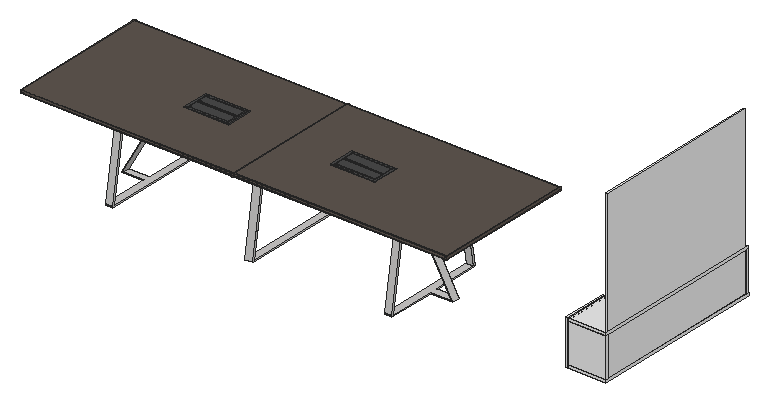
Revit family "T400149", category Furniture, Revit 2018
Family settings
  OmniClass Number = 23.40.20.00
  OmniClass Title = General Furniture and Specialties
  Work Plane-Based = No
  Always vertical = Yes
  Cut with Voids When Loaded = No
  Shared = No
  Room Calculation Point = No
Reference planes (in)
  plane 1 "Center Front/Back": y = 0
  plane 2: z = 0
  plane 3 "Center Left/Right": x = 0
Dimensions and locks (in)
  aligned and locked: level to plane 2
Nested families (in)
  nested 1: "FIRST OFFICE-INTERMIX-ELECTRICAL-POWER-SUPPLY_PS-37_PS-38" at (-20.41472, -20.00035, 0), type "FIRST OFFICE-INTERMIX-ELECTRICAL-PWR-SUPPLY_PS-37"
  nested 2: "FIRST OFFICE_INTERMIX_STORAGE_WALLMNT_BOX_SLIDING_DOORS" at (91.625, 0, -33.5) x (0, -1, 0) z (0, 0, 1), type "INTERMIX-STORAGE-BOX-WM-SLIDING-DRS_CC-M6015SB3W4"
  nested 3: "FIRST OFFICE_INTERMIX_MEDIA_PANEL_WALLMOUNT_CC-_42__MP" at (91.625, -0.375, 0) x (0, -1, 0) z (0, 0, 1), type "INTERMIX-MEDIA-PANEL_CC-M4258MP"
  nested 4: "OFS INTERMIX METAL BASES" at (-39, 21, 0), type "Hugh Center Base 35"
  nested 5: "OFS INTERMIX METAL BASES" at (8.09911, -21, 0), type "Hugh Ends Base 35"
  nested 6: "FIRST OFFICE_INTERMIX_TOPS_RECTANGULAR" at (-39, 0, 0), type "INTERMIX-TOP-RECTANGULAR_CC-P14448RT"
  nested 7: "OFS INTERMIX METAL BASES" at (-86.09911, -21, 0) x (-1, 0, 0) z (0, 0, 1), type "Hugh Ends Base 35"
  nested 8: "FIRST OFFICE-INTERMIX-ELECTRICAL-POWER-SUPPLY_PS-37_PS-38" at (-57.58528, -20.00035, 0) x (-1, 0, 0) z (0, 0, 1), type "FIRST OFFICE-INTERMIX-ELECTRICAL-PWR-SUPPLY_PS-37"
Definition of nested family "FIRST OFFICE-INTERMIX-ELECTRICAL-POWER-SUPPLY_PS-37_PS-38"
  Parameters (values of type "FIRST OFFICE-INTERMIX-ELECTRICAL-PWR-SUPPLY_PS-38")
    URL = "http://www.firstoffice.com/products/tables/intermix"
    PS FINISH = none
    Model = ""
    Manufacturer = "FIRST OFFICE-INTERMIX"
    MODEL NUMBER = "PS-38"
    MANUFACTURERS' CODE = "FOF"
    ENVIRONMENTAL = "http://www.firstoffice.com/company/environment/"
    Description = "POWER SUPPLY NICKLE PS-38"
    CATALOG CODE = "FOF"
    Assembly Code = ""
  Types (2): name | MODEL NUMBER | Description
    FIRST OFFICE-INTERMIX-ELECTRICAL-PWR-SUPPLY_PS-38 | "PS-38" | "POWER SUPPLY NICKLE PS-38"
    FIRST OFFICE-INTERMIX-ELECTRICAL-PWR-SUPPLY_PS-37 | "PS-37" | "POWER SUPPLY BLACK PS-37"
  Reference planes (in)
    plane 1: z = 0
    plane 2 "Center Left/Right": x = 6.16472
    plane 3 "BACK": y = 20.00035
    plane 4 "SURFACE": z = 30
    plane 5: z = 30.125
  Forms (in)
    Extrusion 1, solid, material <- "PS FINISH"
      sketch origin (0, 0, 30) x (-1, 0, 0) y (0, -1, 0)
        loop
          line (1.33528, -15.50035) -> (-13.66472, -15.50035) -> (-13.66472, -24.50035) -> (1.33528, -24.50035) -> (1.33528, -15.50035)
        loop
          line (0.58528, -23.75035) -> (0.58528, -16.25035) -> (-12.91472, -16.25035) -> (-12.91472, -23.75035) -> (0.58528, -23.75035)
      from 0 to 0.125
    Extrusion 2, solid, material <- "PS FINISH"
      sketch origin (0, 0, 30) x (-1, 0, 0) y (0, -1, 0)
        loop
          line (0.58528, -23.75035) -> (0.58528, -16.25035) -> (-12.91472, -16.25035) -> (-12.91472, -23.75035) -> (0.58528, -23.75035)
      from 0 to 0.04
    Extrusion 3, solid, material <- "PS FINISH"
      sketch origin (0, 0, 30) x (-1, 0, 0) y (0, -1, 0)
        loop
          line (0.50604, -23.62815) -> (0.50604, -20.39492) -> (-12.77291, -20.39492) -> (-12.77291, -23.62815) -> (0.50604, -23.62815)
        loop
          line (0.50604, -16.37255) -> (-12.77291, -16.37255) -> (-12.77291, -19.60578) -> (0.50604, -19.60578) -> (0.50604, -16.37255)
      from 0.04 to 0.125
  Cuts and joins
    joined: Extrusion 1, Extrusion 2
  Lines and regions (in)
    Masking region 1
      outline origin (0, 0, 0) x (1, 0, 0) y (0, 1, 0)
        loop
          line (-1.33528, 24.50035) -> (-1.33528, 15.50035) -> (13.66472, 15.50035) -> (13.66472, 24.50035) -> (-1.33528, 24.50035)
    Masking region 2
      outline origin (0, 0, 0) x (1, 0, 0) y (0, 1, 0)
        loop
          line (-0.58528, 23.75035) -> (-0.58528, 16.25035) -> (12.91472, 16.25035) -> (12.91472, 23.75035) -> (-0.58528, 23.75035)
    Masking region 3
      outline origin (0, 0, 0) x (1, 0, 0) y (0, 1, 0)
        loop
          line (-0.50604, 23.62815) -> (-0.50604, 20.39492) -> (12.77291, 20.39492) -> (12.77291, 23.62815) -> (-0.50604, 23.62815)
        loop
          line (-0.50604, 16.37255) -> (12.77291, 16.37255) -> (12.77291, 19.60578) -> (-0.50604, 19.60578) -> (-0.50604, 16.37255)
  Dimensions and locks (in)
    aligned and locked: level to plane 1
    aligned and locked: Extrusion 1 to plane 5
    aligned and locked: Extrusion 3 to Extrusion 2
Definition of nested family "FIRST OFFICE_INTERMIX_STORAGE_WALLMNT_BOX_SLIDING_DOORS"
  Parameters (values of type "INTERMIX-STORAGE-BOX-WM-SLIDING-DRS_CC-M4515SB3W3")
    VERTICAL PLANKS = none
    URL = "http://www.firstoffice.com/products/tables/intermix"
    TOP/BOTTOM = none
    Manufacturer = "FIRST OFFICE-INTERMIX"
    MODEL NUMBER = "CC-M4515SB3W3"
    MANUFACTURERS' CODE = "FOF"
    ENVIRONMENTAL = "http://www.firstoffice.com/company/environment/"
    Description = "WALLMOUNT STORAGE BOX SLIDING DOORS 45X15\""
    DOOR = none
    CENTER DIVIDE = no
    1 DOOR 2 OPN = no
    2 DOOR 3 OPN = yes
    2 DOOR 4 OPN = no
    CATALOG CODE = "FOF"
    BOX WIDTH = 3' - 9"
    BOX HEIGHT = 1' - 3"
  Types (37): name | MODEL NUMBER | Description | CENTER DIVIDE | 1 DOOR 2 OPN | 2 DOOR 3 OPN | 2 DOOR 4 OPN | BOX WIDTH | BOX HEIGHT
    (no name) | "CC-M4515SB3W3" | "WALLMOUNT STORAGE BOX SLIDING DOORS 45X15\"" | no | no | yes | no | 3' - 9" | 1' - 3"
    INTERMIX-STORAGE-BOX-WM-SLIDING-DRS_CC-M3110SB3W2 | "CC-M3110SB3W2" | "WALLMOUNT STORAGE BOX SLIDING DOORS 31X10" | yes | yes | no | no | 2' - 7" | 0' - 10"
    INTERMIX-STORAGE-BOX-WM-SLIDING-DRS_CC-M3710SB3W2 | "CC-M3710SB3W2" | "WALLMOUNT STORAGE BOX SLIDING DOORS 37X10\"" | yes | yes | no | no | 3' - 1" | 0' - 10"
    INTERMIX-STORAGE-BOX-WM-SLIDING-DRS_CC-M4510SB3W3 | "CC-M4510SB3W3" | "WALLMOUNT STORAGE BOX SLIDING DOORS 45X10\"" | no | no | yes | no | 3' - 9" | 0' - 10"
    INTERMIX-STORAGE-BOX-WM-SLIDING-DRS_CC-M5410SB3W3 | "CC-M5410SB3W3" | "WALLMOUNT STORAGE BOX SLIDING DOORS 54X10\"" | no | no | yes | no | 4' - 6" | 0' - 10"
    INTERMIX-STORAGE-BOX-WM-SLIDING-DRS_CC-M6010SB3W4 | "CC-M6010SB3W4" | "WALLMOUNT STORAGE BOX SLIDING DOORS 60X10\"" | yes | no | no | yes | 5' - 0" | 0' - 10"
    INTERMIX-STORAGE-BOX-WM-SLIDING-DRS_CC-M7210SB3W2 | "CC-M7210SB3W2" | "WALLMOUNT STORAGE BOX SLIDING DOORS 72X10\"" | yes | yes | no | no | 6' - 0" | 0' - 10"
    INTERMIX-STORAGE-BOX-WM-SLIDING-DRS_CC-M6010SB3W2 | "CC-M6010SB3W2" | "WALLMOUNT STORAGE BOX SLIDING DOORS 60X10\"" | yes | yes | no | no | 5' - 0" | 0' - 10"
    INTERMIX-STORAGE-BOX-WM-SLIDING-DRS_CC-M7210SB3W4 | "CC-M7210SB3W4" | "WALLMOUNT STORAGE BOX SLIDING DOORS 72X10\"" | yes | no | no | yes | 6' - 0" | 0' - 10"
    INTERMIX-STORAGE-BOX-WM-SLIDING-DRS_CC-M9010SB3W3 | "CC-M9010SB3W3" | "WALLMOUNT STORAGE BOX SLIDING DOORS 90X10\"" | no | no | yes | no | 7' - 6" | 0' - 10"
    INTERMIX-STORAGE-BOX-WM-SLIDING-DRS_CC-M3115SB3W2 | "CC-M3115SB3W2" | "WALLMOUNT STORAGE BOX SLIDING DOORS 31X15" | yes | yes | no | no | 2' - 7" | 1' - 3"
    INTERMIX-STORAGE-BOX-WM-SLIDING-DRS_CC-M3715SB3W2 | "CC-M3715SB3W2" | "WALLMOUNT STORAGE BOX SLIDING DOORS 37X15\"" | yes | yes | no | no | 3' - 1" | 1' - 3"
    INTERMIX-STORAGE-BOX-WM-SLIDING-DRS_CC-M4515SB3W3 | "CC-M4515SB3W3" | "WALLMOUNT STORAGE BOX SLIDING DOORS 45X15\"" | no | no | yes | no | 3' - 9" | 1' - 3"
    INTERMIX-STORAGE-BOX-WM-SLIDING-DRS_CC-M5415SB3W3 | "CC-M5415SB3W3" | "WALLMOUNT STORAGE BOX NO DOORS 54X15\"" | no | no | yes | no | 4' - 6" | 1' - 3"
    INTERMIX-STORAGE-BOX-WM-SLIDING-DRS_CC-M6015SB3W2 | "CC-M6015SB3W2" | "WALLMOUNT STORAGE BOX SLIDING DOORS 60X15\"" | yes | yes | no | no | 5' - 0" | 1' - 3"
    INTERMIX-STORAGE-BOX-WM-SLIDING-DRS_CC-M6015SB3W4 | "CC-M6015SB3W4" | "WALLMOUNT STORAGE BOX SLIDING DOORS 60X15\"" | yes | no | no | yes | 5' - 0" | 1' - 3"
    INTERMIX-STORAGE-BOX-WM-SLIDING-DRS_CC-M7215SB3W2 | "CC-M7215SB3W2" | "WALLMOUNT STORAGE BOX SLIDING DOORS 72X15\"" | yes | yes | no | no | 6' - 0" | 1' - 3"
    INTERMIX-STORAGE-BOX-WM-SLIDING-DRS_CC-M7215SB3W4 | "CC-M7215SB3W4" | "WALLMOUNT STORAGE BOX SLIDING DOORS 72X15\"" | yes | no | no | yes | 6' - 0" | 1' - 3"
    INTERMIX-STORAGE-BOX-WM-SLIDING-DRS_CC-M9015SB3W3 | "CC-M9015SB3W3" | "WALLMOUNT STORAGE BOX SLIDING DOORS 90X15\"" | no | no | yes | no | 7' - 6" | 1' - 3"
    INTERMIX-STORAGE-BOX-WM-SLIDING-DRS_CC-W3110SB3W2 | "CC-W3110SB3W2" | "WALLMOUNT STORAGE BOX SLIDING DOORS 31X10" | yes | yes | no | no | 2' - 7" | 0' - 10"
    INTERMIX-STORAGE-BOX-WM-SLIDING-DRS_CC-W3710SB3W2 | "CC-W3710SB3W2" | "WALLMOUNT STORAGE BOX SLIDING DOORS 37X10\"" | yes | yes | no | no | 3' - 1" | 0' - 10"
    INTERMIX-STORAGE-BOX-WM-SLIDING-DRS_CC-W4510SB3W3 | "CC-W4510SB3W3" | "WALLMOUNT STORAGE BOX SLIDING DOORS 45X10\"" | no | no | yes | no | 3' - 9" | 0' - 10"
    INTERMIX-STORAGE-BOX-WM-SLIDING-DRS_CC-W5410SB3W3 | "CC-W5410SB3W3" | "WALLMOUNT STORAGE BOX SLIDING DOORS 54X10\"" | no | no | yes | no | 4' - 6" | 0' - 10"
    INTERMIX-STORAGE-BOX-WM-SLIDING-DRS_CC-W6010SB3W2 | "CC-W6010SB3W2" | "WALLMOUNT STORAGE BOX SLIDING DOORS 60X10\"" | yes | yes | no | no | 5' - 0" | 0' - 10"
    INTERMIX-STORAGE-BOX-WM-SLIDING-DRS_CC-W7210SB3W2 | "CC-W7210SB3W2" | "WALLMOUNT STORAGE BOX SLIDING DOORS 72X10\"" | yes | yes | no | no | 6' - 0" | 0' - 10"
    INTERMIX-STORAGE-BOX-WM-SLIDING-DRS_CC-W6010SB3W4 | "CC-W6010SB3W4" | "WALLMOUNT STORAGE BOX SLIDING DOORS 60X10\"" | yes | no | no | yes | 5' - 0" | 0' - 10"
    INTERMIX-STORAGE-BOX-WM-SLIDING-DRS_CC-W7210SB3W4 | "CC-W7210SB3W4" | "WALLMOUNT STORAGE BOX SLIDING DOORS 72X10\"" | yes | no | no | yes | 6' - 0" | 0' - 10"
    INTERMIX-STORAGE-BOX-WM-SLIDING-DRS_CC-W9010SB3W3 | "CC-W9010SB3W3" | "WALLMOUNT STORAGE BOX SLIDING DOORS 90X10\"" | no | no | yes | no | 7' - 6" | 0' - 10"
    INTERMIX-STORAGE-BOX-WM-SLIDING-DRS_CC-W3115SB3W2 | "CC-W3115SB3W2" | "WALLMOUNT STORAGE BOX SLIDING DOORS 31X15" | yes | yes | no | no | 2' - 7" | 1' - 3"
    INTERMIX-STORAGE-BOX-WM-SLIDING-DRS_CC-W3715SB3W2 | "CC-W3715SB3W2" | "WALLMOUNT STORAGE BOX SLIDING DOORS 37X15" | yes | yes | no | no | 3' - 1" | 1' - 3"
    INTERMIX-STORAGE-BOX-WM-SLIDING-DRS_CC-W4515SB3W3 | "CC-W4515SB3W3" | "WALLMOUNT STORAGE BOX SLIDING DOORS 45X15\"" | no | no | yes | no | 3' - 9" | 1' - 3"
    INTERMIX-STORAGE-BOX-WM-SLIDING-DRS_CC-W5415SB3W3 | "CC-W5415SB3W3" | "WALLMOUNT STORAGE BOX SLIDING DOORS 54X15\"" | no | no | yes | no | 4' - 6" | 1' - 3"
    INTERMIX-STORAGE-BOX-WM-SLIDING-DRS_CC-W6015SB3W2 | "CC-W6015SB1W2" | "WALLMOUNT STORAGE BOX NO DOORS 60X15\"" | yes | yes | no | no | 5' - 0" | 1' - 3"
    INTERMIX-STORAGE-BOX-WM-SLIDING-DRS_CC-W7215SB3W2 | "CC-W7215SB3W2" | "WALLMOUNT STORAGE BOX SLIDING DOORS 72X15\"" | yes | yes | no | no | 6' - 0" | 1' - 3"
    INTERMIX-STORAGE-BOX-WM-SLIDING-DRS_CC-W6015SB3W4 | "CC-W6015SB3W4" | "WALLMOUNT STORAGE BOX SLIDING DOORS 60X15\"" | yes | no | no | yes | 5' - 0" | 1' - 3"
    INTERMIX-STORAGE-BOX-WM-SLIDING-DRS_CC-W7215SB3W4 | "CC-W7215SB3W4" | "WALLMOUNT STORAGE BOX SLIDING DOORS 72X15\"" | yes | no | no | yes | 6' - 0" | 1' - 3"
    INTERMIX-STORAGE-BOX-WM-SLIDING-DRS_CC-W9015SB3W3 | "CC-W9010SB3W3" | "WALLMOUNT STORAGE BOX SLIDING DOORS 90X15\"" | no | no | yes | no | 7' - 6" | 1' - 3"
  Reference planes (in)
    plane 1 "BACK": y = 0
    plane 2: z = 0
    plane 3 "Center Left/Right": x = 0
    plane 4 "LEFT": x = -22.5
    plane 5 "RIGHT": x = 22.5
    plane 6 "FRONT": y = -13
    plane 7: z = 48.5
    plane 8: z = 63.5
    plane 9: y = -0.5
    plane 10: y = -1.25
    plane 11: z = 49.25
    plane 12: z = 62.75
    plane 13: x = -22.125
    plane 14: x = -21.75
    plane 15: x = 22.125
    plane 16: x = 21.75
    plane 17: x = -7.375
    plane 18: x = -11.0625
    plane 19: x = 11.0625
    plane 20: x = 7.375
    plane 21: z = 63.437
    plane 22: z = 48.563
    plane 23: x = 22.437
    plane 24: x = -22.437
    plane 25: y = -13.75
    plane 26: y = -12.25
  Forms (in)
    Extrusion 1, solid, material <- "TOP/BOTTOM"
      sketch origin (0, 0, 8.955) x (1, 0, 0) y (0, 0, 1)
        loop
          line (-22.5, 40.295) -> (-22.5, 39.545) -> (22.5, 39.545) -> (22.5, 40.295) -> (-22.5, 40.295)
      from 0 to 13
    Extrusion 2, solid, material <- "TOP/BOTTOM"
      sketch origin (0, 0, 15.08) x (1, 0, 0) y (0, 0, 1)
        loop
          line (-22.5, 48.42) -> (-22.5, 47.67) -> (22.5, 47.67) -> (22.5, 48.42) -> (-22.5, 48.42)
      from 0 to 13
    Extrusion 3, solid, material <- "VERTICAL PLANKS"
      sketch origin (-22.5, 0, 20.705) x (0, 1, 0) y (0, 0, 1)
        loop
          line (0, 42.045) -> (-13, 42.045) -> (-13, 28.545) -> (0, 28.545) -> (0, 42.045)
      from 0 to 0.75
    Extrusion 4, solid, material <- "VERTICAL PLANKS"
      sketch origin (24, 0, 20.705) x (0, 1, 0) y (0, 0, -1)
        loop
          line (0, -42.045) -> (0, -28.545) -> (-13, -28.545) -> (-13, -42.045) -> (0, -42.045)
      from 1.5 to 2.25
    Extrusion 5, solid, material <- "VERTICAL PLANKS"
      sketch origin (0, 0, 20.705) x (1, 0, 0) y (0, 0, 1)
        loop
          line (-21.75, 42.045) -> (-21.75, 28.545) -> (21.75, 28.545) -> (21.75, 42.045) -> (-21.75, 42.045)
      from 0.5 to 1.25
    Extrusion 6, solid, material <- "VERTICAL PLANKS", visible <- "2 DOOR 4 OPN"
      sketch origin (4.4375, 0, 0) x (1, 0, 0) y (0, 1, 0)
        loop
          line (-15.875, -1.25) -> (-15.875, -12.25) -> (-15.125, -12.25) -> (-15.125, -1.25) -> (-15.875, -1.25)
      from 49.25 to 62.75
    Extrusion 7, solid, material <- "VERTICAL PLANKS", visible <- "2 DOOR 3 OPN"
      sketch origin (8.875, 0, 0) x (1, 0, 0) y (0, 1, 0)
        loop
          line (-16.625, -1.25) -> (-16.625, -12.25) -> (-15.875, -12.25) -> (-15.875, -1.25) -> (-16.625, -1.25)
      from 49.25 to 62.75
    Extrusion 8, solid, material <- "VERTICAL PLANKS", visible <- "CENTER DIVIDE"
      sketch origin (17.75, 0, 0) x (1, 0, 0) y (0, 1, 0)
        loop
          line (-18.125, -1.25) -> (-18.125, -12.25) -> (-17.375, -12.25) -> (-17.375, -1.25) -> (-18.125, -1.25)
      from 49.25 to 62.75
    Extrusion 9, solid, material <- "VERTICAL PLANKS", visible <- "2 DOOR 4 OPN"
      sketch origin (-4.4375, 0, 0) x (-1, 0, 0) y (0, -1, 0)
        loop
          line (-15.875, 1.25) -> (-15.125, 1.25) -> (-15.125, 12.25) -> (-15.875, 12.25) -> (-15.875, 1.25)
      from 49.25 to 62.75
    Extrusion 10, solid, material <- "VERTICAL PLANKS", visible <- "2 DOOR 3 OPN"
      sketch origin (-8.875, 0, 0) x (-1, 0, 0) y (0, -1, 0)
        loop
          line (-16.625, 1.25) -> (-15.875, 1.25) -> (-15.875, 12.25) -> (-16.625, 12.25) -> (-16.625, 1.25)
      from 49.25 to 62.75
    Extrusion 11, solid, material <- "DOOR", visible <- "2 DOOR 4 OPN"
      sketch origin (0, 0, 0) x (1, 0, 0) y (0, 1, 0)
        loop
          line (-10.6875, -13) -> (-22.437, -13) -> (-22.437, -13.75) -> (-10.6875, -13.75) -> (-10.6875, -13)
      from 48.563 to 63.437
    Extrusion 12, solid, material <- "DOOR", visible <- "2 DOOR 4 OPN"
      sketch origin (21.5, 0, 0) x (1, 0, 0) y (0, 1, 0)
        loop
          line (0.937, -13) -> (-10.8125, -13) -> (-10.8125, -13.75) -> (0.937, -13.75) -> (0.937, -13)
      from 48.563 to 63.437
    Extrusion 13, solid, material <- "DOOR", visible <- "2 DOOR 3 OPN"
      sketch origin (1.5, 0, 0) x (1, 0, 0) y (0, 1, 0)
        loop
          line (-8.5, -13) -> (-23.937, -13) -> (-23.937, -13.75) -> (-8.5, -13.75) -> (-8.5, -13)
      from 48.563 to 63.437
    Extrusion 14, solid, material <- "DOOR", visible <- "2 DOOR 3 OPN"
      sketch origin (19.88722, 0, 0) x (1, 0, 0) y (0, 1, 0)
        loop
          line (2.54978, -13) -> (-12.88722, -13) -> (-12.88722, -13.75) -> (2.54978, -13.75) -> (2.54978, -13)
      from 48.563 to 63.437
    Extrusion 15, solid, material <- "DOOR", visible <- "1 DOOR 2 OPN"
      sketch origin (4, 0, 0) x (1, 0, 0) y (0, 1, 0)
        loop
          line (-3.625, -13) -> (-26.437, -13) -> (-26.437, -13.75) -> (-3.625, -13.75) -> (-3.625, -13)
      from 48.563 to 63.437
    Extrusion 16, void
      sketch origin (0, 0, 0) x (0, 1, 0) y (0, 0, 1)
        loop
          line (-12.7, 49.25) -> (-12.7, 48.9375) -> (-12.3875, 48.9375) -> (-12.3875, 49.25) -> (-12.7, 49.25)
      from -21.75 to 21.75
    Extrusion 17, void
      sketch origin (0, 0, 13.8125) x (0, 1, 0) y (0, 0, 1)
        loop
          line (-12.7, 49.25) -> (-12.7, 48.9375) -> (-12.3875, 48.9375) -> (-12.3875, 49.25) -> (-12.7, 49.25)
      from -21.75 to 21.75
    Extrusion 18, solid
      sketch origin (0, 0, 0) x (0, 1, 0) y (0, 0, 1)
        loop
          line (-12.3875, 49.25) -> (-12.4375, 49.25) -> (-12.4375, 48.99) -> (-12.65, 48.99) -> (-12.65, 49.25) -> (-12.7, 49.25) -> (-12.7, 48.9375) -> (-12.3875, 48.9375) -> (-12.3875, 49.25)
      from -21.75 to 21.75
    Extrusion 19, solid
      sketch origin (0, -25.0875, 112) x (0, -1, 0) y (0, 0, -1)
        loop
          line (-12.3875, 49.25) -> (-12.4375, 49.25) -> (-12.4375, 48.99) -> (-12.65, 48.99) -> (-12.65, 49.25) -> (-12.7, 49.25) -> (-12.7, 48.9375) -> (-12.3875, 48.9375) -> (-12.3875, 49.25)
      from -21.75 to 21.75
  Cuts and joins
    Extrusion 16, Extrusion 17 cuts Extrusion 1
    Extrusion 17 cuts Extrusion 3
    Extrusion 17 cuts Extrusion 4
    Extrusion 17 cuts Extrusion 2
  Lines and regions (in)
    Masking region 1
      outline origin (0, 0, 0) x (1, 0, 0) y (0, 1, 0)
        loop
          line (-22.5, 0) -> (-22.5, -13) -> (22.5, -13) -> (22.5, 0) -> (-22.5, 0)
    Masking region 2
      outline origin (0, 0, 0) x (1, 0, 0) y (0, 1, 0)
        loop
          line (-22.5, 0) -> (-22.5, -13) -> (22.5, -13) -> (22.5, 0) -> (-22.5, 0)
    Masking region 3, visible <- "2 DOOR 4 OPN"
      outline origin (0, 0, 0) x (1, 0, 0) y (0, 1, 0)
        loop
          line (10.6875, -13) -> (10.6875, -13.75) -> (22.437, -13.75) -> (22.437, -13) -> (10.6875, -13)
    Masking region 4, visible <- "2 DOOR 3 OPN"
      outline origin (0, 0, 0) x (1, 0, 0) y (0, 1, 0)
        loop
          line (7, -13) -> (7, -13.75) -> (22.437, -13.75) -> (22.437, -13) -> (7, -13)
    Masking region 5, visible <- "2 DOOR 4 OPN"
      outline origin (0, 0, 0) x (1, 0, 0) y (0, 1, 0)
        loop
          line (-22.437, -13) -> (-22.437, -13.75) -> (-10.6875, -13.75) -> (-10.6875, -13) -> (-22.437, -13)
    Masking region 6, visible <- "2 DOOR 3 OPN"
      outline origin (0, 0, 0) x (1, 0, 0) y (0, 1, 0)
        loop
          line (-22.437, -13) -> (-22.437, -13.75) -> (-7, -13.75) -> (-7, -13) -> (-22.437, -13)
    Masking region 7, visible <- "1 DOOR 2 OPN"
      outline origin (0, 0, 0) x (1, 0, 0) y (0, 1, 0)
        loop
          line (-22.437, -13) -> (-22.437, -13.75) -> (0.375, -13.75) -> (0.375, -13) -> (-22.437, -13)
  Dimensions and locks (in)
    "BOX WIDTH": plane 4 "LEFT" to plane 5 "RIGHT"
    locked: plane 7 to plane 2 at 48.5
    "BOX HEIGHT": plane 8 to plane 7
    locked: plane 8 to plane 12 at 0.75
    locked: plane 11 to plane 7 at 0.75
    plane 4 "LEFT" to plane 13 to plane 14 = 0' - 0 3/8" locked, 0' - 0 3/8" locked
    plane 16 to plane 15 to plane 5 "RIGHT" = 0' - 0 3/8" locked, 0' - 0 3/8" locked
    equal spacing: plane 13, plane 18, plane 3 "Center Left/Right", plane 19, plane 15
    Extrusion 6 sketch curve to plane 18 to Extrusion 6 sketch curve = 0' - 0 3/8" locked, 0' - 0 3/8" locked
    Extrusion 7 sketch curve to plane 17 to Extrusion 7 sketch curve = 0' - 0 3/8" locked, 0' - 0 3/8" locked
    Extrusion 8 sketch curve to plane 3 "Center Left/Right" to Extrusion 8 sketch curve = 0' - 0 3/8" locked, 0' - 0 3/8" locked
    Extrusion 10 sketch curve to plane 20 to Extrusion 10 sketch curve = 0' - 0 3/8" locked, 0' - 0 3/8" locked
    Extrusion 9 sketch curve to plane 19 to Extrusion 9 sketch curve = 0' - 0 3/8" locked, 0' - 0 3/8" locked
    plane 10 to plane 9 to plane 1 "BACK" = 0' - 0 3/4" locked, 0' - 0 1/2" locked
    locked: plane 8 to plane 21 at 0.063
    locked: plane 22 to plane 7 at 0.063
    locked: plane 23 to plane 5 "RIGHT" at 0.063
    locked: plane 4 "LEFT" to plane 24 at 0.063
    equal spacing: plane 13, plane 17, plane 20, plane 15
    locked: plane 25 to plane 1 "BACK" at 13.75
    plane 25 to plane 6 "FRONT" to plane 26 = 0' - 0 3/4" locked, 0' - 0 3/4" locked
    aligned and locked: Extrusion 1 sketch curve to plane 4 "LEFT"
    aligned and locked: Extrusion 1 sketch curve to plane 7
    aligned and locked: plane 5 "RIGHT" to Extrusion 1 sketch curve
    aligned and locked: Extrusion 1 to plane 1 "BACK"
    aligned and locked: plane 6 "FRONT" to Extrusion 1
    aligned and locked: Masking region 1 sketch curve to plane 4 "LEFT"
    aligned and locked: plane 5 "RIGHT" to Masking region 1 sketch curve
    aligned and locked: plane 8 to Extrusion 2 sketch curve
    aligned and locked: plane 6 "FRONT" to Extrusion 2
    aligned and locked: plane 6 "FRONT" to Extrusion 3
    aligned and locked: plane 6 "FRONT" to Extrusion 4
    aligned and locked: Extrusion 5 to plane 9
    aligned and locked: plane 14 to Extrusion 3
    aligned and locked: Extrusion 5 to plane 14
    aligned and locked: Extrusion 5 to plane 16
    aligned and locked: plane 5 "RIGHT" to Extrusion 4
    aligned and locked: plane 16 to Extrusion 4
    aligned and locked: plane 12 to Extrusion 3
    aligned and locked: plane 12 to Extrusion 4
    aligned and locked: Extrusion 2 to plane 12
    aligned and locked: plane 12 to Extrusion 5
    aligned and locked: plane 11 to Extrusion 1
    aligned and locked: Extrusion 3 to plane 11
    aligned and locked: Extrusion 4 to plane 11
    aligned and locked: Extrusion 5 to plane 11
    aligned and locked: plane 12 to Extrusion 6
    aligned and locked: plane 12 to Extrusion 7
    aligned and locked: plane 12 to Extrusion 8
    aligned and locked: plane 12 to Extrusion 10
    aligned and locked: plane 12 to Extrusion 9
    aligned and locked: Extrusion 11 to plane 22
    aligned and locked: plane 21 to Extrusion 11
    aligned and locked: Extrusion 11 sketch curve to plane 24
    aligned and locked: Extrusion 11 sketch curve to Extrusion 6
    aligned and locked: plane 23 to Extrusion 12 sketch curve
    aligned and locked: Extrusion 9 to Extrusion 12 sketch curve
    aligned and locked: plane 25 to Extrusion 12 sketch curve
    aligned and locked: Extrusion 12 sketch curve to plane 6 "FRONT"
    aligned and locked: Extrusion 13 sketch curve to plane 24
    aligned and locked: Extrusion 13 sketch curve to plane 6 "FRONT"
    aligned and locked: plane 25 to Extrusion 13 sketch curve
    aligned and locked: Extrusion 13 sketch curve to Extrusion 7
    aligned and locked: Extrusion 10 to Extrusion 14 sketch curve
    aligned and locked: plane 23 to Extrusion 14 sketch curve
    aligned and locked: plane 25 to Extrusion 14 sketch curve
    aligned and locked: Extrusion 14 sketch curve to plane 6 "FRONT"
    aligned and locked: Extrusion 15 sketch curve to plane 6 "FRONT"
    aligned and locked: plane 25 to Extrusion 15 sketch curve
    aligned and locked: Extrusion 15 sketch curve to plane 24
    aligned and locked: Extrusion 15 sketch curve to Extrusion 8
    aligned and locked: Extrusion 12 to plane 22
    aligned and locked: Extrusion 14 to plane 22
    aligned and locked: plane 21 to Extrusion 14
    aligned and locked: plane 21 to Extrusion 12
    aligned and locked: plane 22 to Extrusion 13
    aligned and locked: Extrusion 15 to plane 22
    aligned and locked: plane 21 to Extrusion 15
    aligned and locked: plane 21 to Extrusion 13
    aligned and locked: Extrusion 6 sketch curve to plane 26
    aligned and locked: Extrusion 7 sketch curve to plane 26
    aligned and locked: Extrusion 8 sketch curve to plane 26
    aligned and locked: plane 26 to Extrusion 10 sketch curve
    aligned and locked: plane 26 to Extrusion 9 sketch curve
    aligned and locked: cut or joined group of Extrusion 1, Extrusion 16, Extrusion 17 to plane 14
    aligned and locked: cut or joined group of Extrusion 1, Extrusion 16, Extrusion 17 to plane 16
    aligned and locked: Extrusion 17 to plane 12
    aligned and locked: Extrusion 17 to plane 16
    aligned and locked: Extrusion 17 to plane 14
    aligned and locked: Extrusion 18 to plane 14
    aligned and locked: Extrusion 18 to plane 16
    aligned and locked: Extrusion 19 to plane 12  (x2)
    aligned and locked: Extrusion 19 to plane 14
    aligned and locked: Extrusion 19 to plane 16
  Automatic sketch dimensions
    Extrusion 1 sketch curve to plane 11 = 0' - 0"
    plane 6 "FRONT" to Masking region 1 sketch curve = 0' - 0"
    plane 1 "BACK" to Masking region 1 sketch curve = 0' - 0"
    Extrusion 2 sketch curve to plane 4 "LEFT" = 0' - 0"
    Extrusion 2 sketch curve to plane 5 "RIGHT" = 0' - 0"
    Extrusion 2 sketch curve to plane 12 = 0' - 0"
    Extrusion 3 sketch curve to plane 6 "FRONT" = 0' - 0"
    Extrusion 3 sketch curve to plane 1 "BACK" = 0' - 0"
    Extrusion 3 sketch curve to plane 11 = 0' - 0"
    Extrusion 3 sketch curve to plane 12 = 0' - 0"
    Extrusion 4 sketch curve to plane 6 "FRONT" = 0' - 0"
    Extrusion 4 sketch curve to plane 1 "BACK" = 0' - 0"
    Extrusion 4 sketch curve to plane 12 = 0' - 0"
    Extrusion 4 sketch curve to plane 11 = 0' - 0"
    Extrusion 5 sketch curve to plane 11 = 0' - 0"
    Extrusion 5 sketch curve to plane 14 = 0' - 0"
    Extrusion 5 sketch curve to plane 12 = 0' - 0"
    plane 16 to Extrusion 5 sketch curve = 0' - 0"
    Masking region 2 sketch curve to plane 4 "LEFT" = 0' - 0"
    plane 1 "BACK" to Masking region 2 sketch curve = 0' - 0"
    Masking region 2 sketch curve to plane 5 "RIGHT" = 0' - 0"
    plane 6 "FRONT" to Masking region 2 sketch curve = 0' - 0"
    plane 10 to Extrusion 6 sketch curve = 0' - 0"
    plane 10 to Extrusion 7 sketch curve = 0' - 0"
    plane 10 to Extrusion 8 sketch curve = 0' - 0"
    plane 10 to Extrusion 9 sketch curve = 0' - 0"
    plane 10 to Extrusion 10 sketch curve = 0' - 0"
    plane 25 to Extrusion 11 sketch curve = 0' - 0"
    plane 6 "FRONT" to Extrusion 11 sketch curve = 0' - 0"
    plane 25 to Masking region 3 sketch curve = 0' - 0"
    plane 6 "FRONT" to Masking region 3 sketch curve = 0' - 0"
    Masking region 3 sketch curve to plane 23 = 0' - 0"
    plane 19 to Masking region 3 sketch curve = 0' - 0 3/8"
    plane 25 to Masking region 4 sketch curve = 0' - 0"
    plane 6 "FRONT" to Masking region 4 sketch curve = 0' - 0"
    Masking region 4 sketch curve to plane 23 = 0' - 0"
    plane 20 to Masking region 4 sketch curve = 0' - 0 3/8"
    Masking region 5 sketch curve to plane 24 = 0' - 0"
    plane 6 "FRONT" to Masking region 5 sketch curve = 0' - 0"
    plane 25 to Masking region 5 sketch curve = 0' - 0"
    plane 18 to Masking region 5 sketch curve = 0' - 0 3/8"
    Masking region 6 sketch curve to plane 24 = 0' - 0"
    plane 6 "FRONT" to Masking region 6 sketch curve = 0' - 0"
    plane 25 to Masking region 6 sketch curve = 0' - 0"
    plane 17 to Masking region 6 sketch curve = 0' - 0 3/8"
    Masking region 7 sketch curve to plane 24 = 0' - 0"
    plane 6 "FRONT" to Masking region 7 sketch curve = 0' - 0"
    plane 25 to Masking region 7 sketch curve = 0' - 0"
    plane 3 "Center Left/Right" to Masking region 7 sketch curve = 0' - 0 3/8"
    Extrusion 16 sketch curve to plane 11 = 0' - 0"
    Extrusion 16 sketch curve to plane 6 "FRONT" = 0' - 0.3"
    plane 26 to Extrusion 16 sketch curve = 0' - 0.1375"
    Extrusion 16 sketch curve to plane 11 = 0' - 0 5/16"
    Extrusion 17 sketch curve to plane 12 = 0' - 0"
    Extrusion 17 sketch curve to plane 6 "FRONT" = 0' - 0.3"
    plane 26 to Extrusion 17 sketch curve = 0' - 0.1375"
    plane 12 to Extrusion 17 sketch curve = 0' - 0 5/16"
    Extrusion 18 sketch curve to plane 11 = 0' - 0"  (x2)
    Extrusion 18 sketch curve to plane 6 "FRONT" = 0' - 0.3"
    Extrusion 18 sketch curve to Extrusion 18 sketch curve = 0' - 0.05"  (x2)
    plane 26 to Extrusion 18 sketch curve = 0' - 0 3/16"
    Extrusion 18 sketch curve to plane 11 = 0' - 0.26"
    Extrusion 18 sketch curve to Extrusion 18 sketch curve = 0' - 0.0525"
    plane 26 to Extrusion 19 sketch curve = 0' - 0.1375"
    Extrusion 19 sketch curve to Extrusion 19 sketch curve = 0' - 0.05"  (x2)
    Extrusion 19 sketch curve to Extrusion 19 sketch curve = 0' - 0.2125"
    plane 12 to Extrusion 19 sketch curve = 0' - 0 5/16"
    Extrusion 19 sketch curve to Extrusion 19 sketch curve = 0' - 0.0525"
    Extrusion 19 sketch curve to Extrusion 19 sketch curve = 0' - 0.26"
    Extrusion 19 sketch curve to Extrusion 19 sketch curve = 0' - 0"
Definition of nested family "FIRST OFFICE_INTERMIX_MEDIA_PANEL_WALLMOUNT_CC-_42__MP"
  Parameters (values of type "INTERMIX-MEDIA-PANEL_CC-M4242MP")
    MEDIA PANEL = none
    URL = "http://www.firstoffice.com/products/tables/intermix"
    PANEL WIDTH = 3' - 6"
    Manufacturer = "FIRST OFFICE-INTERMIX"
    MODEL NUMBER = "CC-M4242MP"
    MANUFACTURERS' CODE = "FOF"
    ENVIRONMENTAL = "http://www.firstoffice.com/company/environment/"
    Description = "WALLMOUNT MEDIA PANEL 42\""
    CATALOG CODE = "FOF"
  Types (19): name | PANEL WIDTH | MODEL NUMBER | Description
    (no name) | 3' - 6" | "CC-M4242MP" | "WALLMOUNT MEDIA PANEL 42\""
    INTERMIX-MEDIA-PANEL_CC-M4216MP | 1' - 4" | "CC-M4216MP" | "WALLMOUNT MEDIA PANEL 16\""
    INTERMIX-MEDIA-PANEL_CC-M4232MP | 2' - 8" | "CC-M4232MP" | "WALLMOUNT MEDIA PANEL 32\""
    INTERMIX-MEDIA-PANEL_CC-M4237MP | 3' - 1" | "CC-M4237MP" | "WALLMOUNT MEDIA PANEL 37\""
    INTERMIX-MEDIA-PANEL_CC-M4240MP | 3' - 4" | "CC-M4240MP" | "WALLMOUNT MEDIA PANEL 40\""
    INTERMIX-MEDIA-PANEL_CC-M4242MP | 3' - 6" | "CC-M4242MP" | "WALLMOUNT MEDIA PANEL 42\""
    INTERMIX-MEDIA-PANEL_CC-M4246MP | 3' - 10" | "CC-M4246MP" | "WALLMOUNT MEDIA PANEL 46\""
    INTERMIX-MEDIA-PANEL_CC-M4252MP | 4' - 4" | "CC-M4252MP" | "WALLMOUNT MEDIA PANEL 52\""
    INTERMIX-MEDIA-PANEL_CC-M4258MP | 4' - 10" | "CC-M4258MP" | "WALLMOUNT MEDIA PANEL 58\""
    INTERMIX-MEDIA-PANEL_CC-W4216MP | 1' - 4" | "CC-W4216MP" | "WALLMOUNT MEDIA PANEL 16\""
    INTERMIX-MEDIA-PANEL_CC-W4232MP | 2' - 8" | "CC-W4232MP" | "WALLMOUNT MEDIA PANEL 32\""
    INTERMIX-MEDIA-PANEL_CC-W4237MP | 3' - 1" | "CC-W4237MP" | "WALLMOUNT MEDIA PANEL 37\""
    INTERMIX-MEDIA-PANEL_CC-W4240MP | 3' - 4" | "CC-W4240MP" | "WALLMOUNT MEDIA PANEL 40\""
    INTERMIX-MEDIA-PANEL_CC-W4242MP | 3' - 6" | "CC-W4242MP" | "WALLMOUNT MEDIA PANEL 42\""
    INTERMIX-MEDIA-PANEL_CC-W4246MP | 3' - 10" | "CC-W4246MP" | "WALLMOUNT MEDIA PANEL 46\""
    INTERMIX-MEDIA-PANEL_CC-W4252MP | 4' - 4" | "CC-W4252MP" | "WALLMOUNT MEDIA PANEL 52\""
    INTERMIX-MEDIA-PANEL_CC-W4258MP | 4' - 10" | "CC-W4258MP" | "WALLMOUNT MEDIA PANEL 58\""
    INTERMIX-MEDIA-PANEL_CC-W4265MP | 5' - 5" | "CC-W4265MP" | "WALLMOUNT MEDIA PANEL 65\""
    INTERMIX-MEDIA-PANEL_CC-W4270MP | 5' - 10" | "CC-W4270MP" | "WALLMOUNT MEDIA PANEL 70\""
  Reference planes (in)
    plane 1 "BACK": y = 0
    plane 2: z = 0
    plane 3 "Center Left/Right": x = 0
    plane 4 "LEFT": x = -21
    plane 5 "RIGHT": x = 21
    plane 6 "FRONT": y = -0.75
    plane 7: z = 30
    plane 8: z = 72
  Forms (in)
    Extrusion 1, solid, material <- "MEDIA PANEL"
      sketch origin (0, 0, 0) x (1, 0, 0) y (0, 0, 1)
        loop
          line (-21, 72) -> (-21, 30) -> (21, 30) -> (21, 72) -> (-21, 72)
      from 0 to 0.75
  Lines and regions (in)
    Masking region 1
      outline origin (0, 0, 0) x (1, 0, 0) y (0, 1, 0)
        loop
          line (-21, 0) -> (-21, -0.75) -> (21, -0.75) -> (21, 0) -> (-21, 0)
  Dimensions and locks (in)
    equal spacing: plane 4 "LEFT", plane 3 "Center Left/Right", plane 5 "RIGHT"
    "PANEL WIDTH": plane 4 "LEFT" to plane 5 "RIGHT"
    locked: plane 7 to plane 2 at 30
    locked: plane 1 "BACK" to plane 6 "FRONT" at 0.75
    locked: plane 8 to plane 7 at 42
    aligned and locked: Masking region 1 sketch curve to plane 4 "LEFT"
    aligned and locked: plane 5 "RIGHT" to Masking region 1 sketch curve
    aligned and locked: Extrusion 1 to plane 4 "LEFT"
    aligned and locked: plane 5 "RIGHT" to Extrusion 1
    aligned and locked: plane 6 "FRONT" to Extrusion 1
    aligned and locked: Extrusion 1 to plane 7
    aligned and locked: plane 8 to Extrusion 1
  Automatic sketch dimensions
    plane 6 "FRONT" to Masking region 1 sketch curve = 0' - 0"
    plane 1 "BACK" to Masking region 1 sketch curve = 0' - 0"
    Extrusion 1 sketch curve to plane 3 "Center Left/Right" = 1' - 9"
    plane 3 "Center Left/Right" to Extrusion 1 sketch curve = 1' - 9"
    Extrusion 1 sketch curve to plane 8 = 0' - 0"
    plane 7 to Extrusion 1 sketch curve = 0' - 0"
Definition of nested family "OFS INTERMIX METAL BASES"
  Parameters (values of type "Metal O Base 35")
    Width = 1' - 5"
    Thickness = 0' - 1 1/8"
    URL = "https://ofs.com/"
    Model = "CC-35MTB4"
    Middle = yes
    Manufacturer = "OFS"
    Legs Finish = none
    Height = 2' - 3 7/8"
    Glider Finish = none
    End = no
    Description = "OFS INTERMIX METAL O BASE END - 35\" Width."
    Depth = 2' - 11 9/32"
    Copyright © = "©OFS 2020"
    Catalog = "https://ofs.com/products/tables/conference/intermix-conference"
    Base W = 0' - 3"
    Authoring Version = "Autodesk Revit Architecture 2015"
    Assembly Code = "E2020200"
  Types (6): name | Model | Middle | End | Description | Depth | Base W
    (no name) | "CC-35MTB4" | yes | no | "OFS INTERMIX METAL O BASE END - 35\" Width." | 2' - 11 9/32" | 0' - 3"
    Hugh Ends Base 32 | "CC-32MTB3" | no | yes | "OFS INTERMIX METAL HUGH BASE END - 32\" Width." | 2' - 8" | 0' - 2 1/2"
    Hugh Ends Base 35 | "CC-35MTB3" | no | yes | "OFS INTERMIX METAL HUGH BASE END - 35\" Width." | 2' - 11" | 0' - 2 1/2"
    Metal O Base 32 | "CC-32MTB4" | yes | no | "OFS INTERMIX METAL O BASE END - 32\" Width." | 2' - 8 9/32" | 0' - 3"
    Metal O Base 35 | "CC-35MTB4" | yes | no | "OFS INTERMIX METAL O BASE END - 35\" Width." | 2' - 11 9/32" | 0' - 3"
    Hugh Center Base 35 | "CC-35MTB3C" | yes | no | "OFS INTERMIX METAL HUGH BASE CENTER - 35\" Width." | 2' - 11" | 0' - 2 1/2"
  Reference planes (in)
    plane 1 "Back": y = -3.35938
    plane 2: z = 0
    plane 3 "Center Left/Right": x = 0
    plane 4: x = -8.5
    plane 5 "Center Front/Back": y = -21
    plane 6: x = 8.5
    plane 7: y = -38.64062
    plane 8: z = 27.875
    plane 9: z = 26.75
    plane 10: y = -22.25
    plane 11: y = -19.75
    plane 12: y = -34.14063
    plane 13: y = -7.85937
    plane 14: x = -1.5
    plane 15: x = 1.5
  Forms (in)
    Extrusion 1, solid, material <- "Legs Finish", visible <- "End"
      sketch origin (-47.5, -19.75, 0) x (-1, 0, 0) y (0, 0, -1)
        loop
          line (-56.40089, -0.5) -> (-40.95467, -27.875) -> (-40.52166, -27.875) -> (-55.96788, -0.5) -> (-56.40089, -0.5)
      from 0 to 2.5
    Extrusion 2, solid, material <- "Legs Finish", visible <- "Middle"
      sketch origin (-47.5, -1.279, 0) x (0, 1, 0) y (0, 0, 1)
        loop
          line (-7.17855, 27.875) -> (-2.46116, 0.5) -> (-2.08038, 0.5) -> (-6.79776, 27.875) -> (-7.17855, 27.875)
      from 46 to 49
    Extrusion 3, solid, material <- "Legs Finish", visible <- "End"
      sketch origin (-47.5, 0, 27.625) x (1, 0, 0) y (0, 1, 0)
        loop
          line (40, -7.85938) -> (40, -34.14062) -> (52, -34.14062) -> (52, -7.85938) -> (40, -7.85938)
      from 0 to 0.25
    Extrusion 4, solid, material <- "Legs Finish", visible <- "End"
      sketch origin (-47.5, 0, 0.5) x (1, 0, 0) y (0, 1, 0)
        loop
          line (46, -3.35937) -> (46, -38.17946) -> (49, -38.17946) -> (49, -22.25) -> (55.96788, -22.25) -> (55.96788, -19.75) -> (49, -19.75) -> (49, -3.35937) -> (46, -3.35937)
      from 0 to 0.25
    Extrusion 5, solid, material <- "Legs Finish", visible <- "End"
      sketch origin (47.5, -1.279, 0) x (0, 1, 0) y (0, 0, -1)
        loop
          line (-7.17855, -27.875) -> (-6.79776, -27.875) -> (-2.08038, -0.5) -> (-2.46116, -0.5) -> (-7.17855, -27.875)
      from 46 to 49
    Extrusion 6, solid, material <- "Legs Finish", visible <- "Middle"
      sketch origin (47.5, 0, 0.5) x (-1, 0, 0) y (0, -1, 0)
        loop
          line (46, 3.35938) -> (49, 3.35938) -> (49, 38.17946) -> (46, 38.17946) -> (46, 3.35938)
      from 0 to 0.25
    Extrusion 7, solid, material <- "Legs Finish", visible <- "Middle"
      sketch origin (46, 0, 27.625) x (-1, 0, 0) y (0, -1, 0)
        loop
          line (42, 7.85938) -> (50, 7.85938) -> (50, 34.14062) -> (42, 34.14062) -> (42, 7.85938)
      from 0 to 0.25
    Revolve 8, solid, material <- "Glider Finish", visible <- "End"
      sketch origin (7.63795, -1.5, 0) x (0, 1, 0) y (0, 0, 1)
        loop
          line (-19.5, 0.5) -> (-19.5, 0) -> (-19.25, 0)
          arc (-19.25, 0) -> (-19.125, 0.125) -> (-19.25, 0.25) r 0.125
          line (-19.25, 0.25) -> (-19.375, 0.25) -> (-19.375, 0.5) -> (-19.5, 0.5)
        axis (-19.5, 0) -> (-19.5, 0.5)
      angle from 0 to 360
    Revolve 9, solid, material <- "Glider Finish"
      sketch origin (-0.01295, -16.16962, 0) x (0, 1, 0) y (0, 0, 1)
        loop
          line (-21.14062, 0.5) -> (-21.14062, 0) -> (-20.89062, 0)
          arc (-20.89062, 0) -> (-20.76563, 0.125) -> (-20.89062, 0.25) r 0.125
          line (-20.89062, 0.25) -> (-21.01562, 0.25) -> (-21.01562, 0.5) -> (-21.14062, 0.5)
        axis (-21.14062, 0) -> (-21.14062, 0.5)
      angle from 0 to 360
    Revolve 10, solid, material <- "Glider Finish"
      sketch origin (-0.01295, -28.83038, 0) x (0, -1, 0) y (0, 0, -1)
        loop
          line (-24.14062, -0.5) -> (-24.01562, -0.5) -> (-24.01562, -0.25) -> (-23.89062, -0.25)
          arc (-23.89062, -0.25) -> (-23.76563, -0.125) -> (-23.89062, 0) r 0.125
          line (-23.89062, 0) -> (-24.14062, 0) -> (-24.14062, -0.5)
        axis (-24.14062, 0) -> (-24.14062, -0.5)
      angle from 0 to 360
    Extrusion 11, solid, material <- "Legs Finish", visible <- "Middle"
      sketch origin (-47.5, -39.08038, 0) x (0, -1, 0) y (0, 0, -1)
        loop
          line (-5.53792, -27.875) -> (-5.15714, -27.875) -> (-0.43975, -0.5) -> (-0.82054, -0.5) -> (-5.53792, -27.875)
      from 46 to 49
    Extrusion 12, solid, material <- "Legs Finish", visible <- "End"
      sketch origin (47.5, -39.08038, 0) x (0, -1, 0) y (0, 0, 1)
        loop
          line (-5.53792, 27.875) -> (-0.82054, 0.5) -> (-0.43975, 0.5) -> (-5.15714, 27.875) -> (-5.53792, 27.875)
      from 46 to 49
  Cuts and joins
    joined: Extrusion 1, Extrusion 3, Extrusion 4, Extrusion 5, Extrusion 12
    joined: Extrusion 2, Extrusion 6, Extrusion 7, Extrusion 11
  Dimensions and locks (in)
    equal spacing: plane 4, plane 3 "Center Left/Right", plane 6
    "Width": plane 4 to plane 6
    "Depth": plane 7 to plane 1 "Back"
    "Height": plane 8 to level
    equal spacing: plane 1 "Back", plane 5 "Center Front/Back", plane 7  (x2)
    "Thickness": plane 8 to plane 9
    plane 11 to plane 5 "Center Front/Back" to plane 10 = 0' - 1 1/4" locked, 0' - 1 1/4" locked
    locked: plane 1 "Back" to plane 13 at 4.5
    locked: plane 7 to plane 12 at 4.5
    equal spacing: plane 14, plane 3 "Center Left/Right", plane 15
    "Base W": plane 14 to plane 15
    aligned and locked: level to plane 2
    aligned and locked: plane 1 "Back" to Extrusion 5
    aligned and locked: plane 1 "Back" to Extrusion 2
    aligned and locked: Extrusion 6 to plane 1 "Back"
    aligned and locked: Extrusion 4 to plane 1 "Back"
    aligned and locked: Extrusion 4 to plane 10
    aligned and locked: Extrusion 4 to plane 11
    aligned and locked: Extrusion 3 to plane 13
    aligned and locked: Extrusion 7 to plane 13
    aligned and locked: plane 12 to Extrusion 7
    aligned and locked: plane 12 to Extrusion 3
    aligned and locked: cut or joined group of Extrusion 2, Extrusion 6, Extrusion 7, Extrusion 11 to plane 14  (x3)
    aligned and locked: plane 15 to cut or joined group of Extrusion 2, Extrusion 6, Extrusion 7, Extrusion 11  (x3)
    aligned and locked: plane 15 to cut or joined group of Extrusion 1, Extrusion 3, Extrusion 4, Extrusion 5, Extrusion 12  (x4)
    aligned and locked: cut or joined group of Extrusion 1, Extrusion 3, Extrusion 4, Extrusion 5, Extrusion 12 to plane 14  (x3)
  Automatic sketch dimensions
    level to Extrusion 1 sketch curve = 0' - 0 1/2"
    Extrusion 1 sketch curve to plane 6 = 0' - 0.40089"
    plane 6 to Extrusion 1 sketch curve = 0' - 0.03212"
    Extrusion 1 sketch curve to plane 8 = 0' - 0"
    plane 4 to Extrusion 1 sketch curve = 0' - 1.95467"
    Extrusion 1 sketch curve to Extrusion 1 sketch curve = 0' - 0.43301"
    level to Extrusion 2 sketch curve = 0' - 0 1/2"
    Extrusion 2 sketch curve to plane 1 "Back" = 0' - 0"
    Extrusion 2 sketch curve to Extrusion 2 sketch curve = 0' - 0.38078"  (x2)
    Extrusion 2 sketch curve to plane 8 = 0' - 0"
    plane 1 "Back" to Extrusion 2 sketch curve = 0' - 4.71739"
    plane 4 to Extrusion 3 sketch curve = 0' - 1"
    plane 6 to Extrusion 3 sketch curve = 0' - 4"
    plane 7 to Extrusion 3 sketch curve = 0' - 4 1/2"
    plane 1 "Back" to Extrusion 3 sketch curve = 0' - 4 1/2"
    plane 1 "Back" to Extrusion 4 sketch curve = 0' - 0"
    plane 11 to Extrusion 4 sketch curve = 0' - 0"
    Extrusion 4 sketch curve to plane 10 = 0' - 0"
    plane 7 to Extrusion 4 sketch curve = 0' - 0.46116"
    Extrusion 4 sketch curve to plane 3 "Center Left/Right" = 0' - 1 1/2"
    plane 3 "Center Left/Right" to Extrusion 4 sketch curve = 0' - 1 1/2"  (x2)
    plane 6 to Extrusion 4 sketch curve = 0' - 0.03212"
    level to Extrusion 5 sketch curve = 0' - 0 1/2"
    Extrusion 5 sketch curve to plane 1 "Back" = 0' - 0"
    Extrusion 5 sketch curve to Extrusion 5 sketch curve = 0' - 0.38078"  (x2)
    Extrusion 5 sketch curve to plane 8 = 0' - 0"
    plane 1 "Back" to Extrusion 5 sketch curve = 0' - 4.71739"
    plane 1 "Back" to Extrusion 6 sketch curve = 0' - 0"
    plane 7 to Extrusion 6 sketch curve = 0' - 0.46116"
    plane 3 "Center Left/Right" to Extrusion 6 sketch curve = 0' - 1 1/2"
    Extrusion 6 sketch curve to plane 3 "Center Left/Right" = 0' - 1 1/2"
    plane 3 "Center Left/Right" to Extrusion 7 sketch curve = 0' - 4"
    Extrusion 7 sketch curve to plane 3 "Center Left/Right" = 0' - 4"
    plane 1 "Back" to Extrusion 7 sketch curve = 0' - 4 1/2"
    plane 7 to Extrusion 7 sketch curve = 0' - 4 1/2"
    level to Revolve 8 sketch curve = 0' - 0 1/2"  (x2)
    Revolve 8 sketch curve to plane 5 "Center Front/Back" = 0' - 0"  (x2)
    plane 5 "Center Front/Back" to Revolve 8 sketch curve = 0' - 0 1/8"
    plane 5 "Center Front/Back" to Revolve 8 sketch curve = 0' - 0 1/4"
    level to Revolve 8 sketch curve = 0' - 0 1/4"
    Revolve 8 sketch curve to Revolve 8 sketch curve = 0' - 0 1/8"
    level to Revolve 8 sketch curve = 0' - 0.82356"
    level to Revolve 9 sketch curve = 0' - 0 1/2"  (x2)
    plane 7 to Revolve 9 sketch curve = 0' - 1.33038"
    Revolve 9 sketch curve to Revolve 9 sketch curve = 0' - 0 1/8"  (x2)
    Revolve 9 sketch curve to Revolve 9 sketch curve = 0' - 0 1/4"
    level to Revolve 9 sketch curve = 0' - 0 1/4"
    Revolve 9 sketch curve to Revolve 9 sketch curve = 0' - 0"
    level to Revolve 9 sketch curve = 0' - 0.82356"
    level to Revolve 10 sketch curve = 0' - 0 1/2"  (x2)
    plane 1 "Back" to Revolve 10 sketch curve = 0' - 1.33038"
    Revolve 10 sketch curve to Revolve 10 sketch curve = 0' - 0 1/8"  (x2)
    Revolve 10 sketch curve to Revolve 10 sketch curve = 0' - 0 1/4"  (x2)
    Revolve 10 sketch curve to Revolve 10 sketch curve = 0' - 0"
    level to Revolve 10 sketch curve = 0' - 0.82356"
    level to Extrusion 11 sketch curve = 0' - 0 1/2"
    Extrusion 11 sketch curve to plane 7 = 0' - 0"
    Extrusion 11 sketch curve to Extrusion 11 sketch curve = 0' - 0.38078"  (x2)
    Extrusion 11 sketch curve to plane 8 = 0' - 0"
    plane 7 to Extrusion 11 sketch curve = 0' - 4.71739"
    level to Extrusion 12 sketch curve = 0' - 0 1/2"
    Extrusion 12 sketch curve to plane 7 = 0' - 0"
    plane 7 to Extrusion 12 sketch curve = 0' - 0.38078"
    Extrusion 12 sketch curve to plane 8 = 0' - 0"
    plane 7 to Extrusion 12 sketch curve = 0' - 4.71739"
    Extrusion 12 sketch curve to Extrusion 12 sketch curve = 0' - 0.38078"
Definition of nested family "FIRST OFFICE_INTERMIX_TOPS_RECTANGULAR"
  Parameters (values of type "INTERMIX-TOP-RECTANGULAR_CC-K7236RT")
    URL = "http://www.firstoffice.com/products/tables/intermix"
    TWO PIECE = TOP WIDTH > 9' 0"  # no
    TOP WIDTH = 6' - 0"
    TOP DEPTH = 3' - 0"
    TOP CORE = none
    THICKNESS = 0' - 1 1/8"
    ONE PIECE = TOP WIDTH < 9' 0"  # yes
    Manufacturer = "FIRST OFFICE-INTERMIX"
    MODEL NUMBER = "CC-K7236RT"
    MANUFACTURERS' CODE = "FOF"
    ENVIRONMENTAL = "http://www.firstoffice.com/company/environment/"
    EDGE SHAPE = none
    Description = "RECTANGULAR TOP/SEATS 6"
    CATALOG CODE = "FOF"
  Types (36): name | TWO PIECE | TOP WIDTH | TOP DEPTH | THICKNESS | ONE PIECE | MODEL NUMBER | Description
    (no name) | no | 6' - 0" | 3' - 0" | 0' - 1 1/8" | yes | "CC-K7236RT" | "RECTANGULAR TOP/SEATS 6"
    INTERMIX-TOP-RECTANGULAR_CC-K7236RT | no | 6' - 0" | 3' - 0" | 0' - 1 1/8" | yes | "CC-K7236RT" | "RECTANGULAR TOP/SEATS 6"
    INTERMIX-TOP-RECTANGULAR_CC-K8442RT | no | 7' - 0" | 3' - 6" | 0' - 1 1/8" | yes | "CC-K8442RT" | "RECTANGULAR TOP/SEATS 6"
    INTERMIX-TOP-RECTANGULAR_CC-K9642RT | no | 8' - 0" | 3' - 6" | 0' - 1 1/8" | yes | "CC-K9642RT" | "RECTANGULAR TOP/SEATS 8"
    INTERMIX-TOP-RECTANGULAR_CC-K12048RT | yes | 10' - 0" | 4' - 0" | 0' - 1 1/8" | no | "CC-K12048RT" | "RECTANGULAR TOP/SEATS 10"
    INTERMIX-TOP-RECTANGULAR_CC-K14448RT | yes | 12' - 0" | 4' - 0" | 0' - 1 1/8" | no | "CC-K14448RT" | "RECTANGULAR TOP/SEATS 12"
    INTERMIX-TOP-RECTANGULAR_CC-K16848RT | yes | 14' - 0" | 4' - 0" | 0' - 1 1/8" | no | "CC-K16848RT" | "RECTANGULAR TOP/SEATS 14"
    INTERMIX-TOP-RECTANGULAR_CC-K19248RT | yes | 16' - 0" | 4' - 0" | 0' - 1 1/8" | no | "CC-K19248RT" | "RECTANGULAR TOP/SEATS 16"
    INTERMIX-TOP-RECTANGULAR_CC-P7236RT | no | 6' - 0" | 3' - 0" | 0' - 1 1/8" | yes | "CC-P7236RT" | "RECTANGULAR TOP/SEATS 6"
    INTERMIX-TOP-RECTANGULAR_CC-P8442RT | no | 7' - 0" | 3' - 6" | 0' - 1 1/8" | yes | "CC-P8442RT" | "RECTANGULAR TOP/SEATS 6"
    INTERMIX-TOP-RECTANGULAR_CC-P9642RT | no | 8' - 0" | 3' - 6" | 0' - 1 1/8" | yes | "CC-P9642RT" | "RECTANGULAR TOP/SEATS 8"
    INTERMIX-TOP-RECTANGULAR_CC-P12048RT | yes | 10' - 0" | 4' - 0" | 0' - 1 1/8" | no | "CC-P12048RT" | "RECTANGULAR TOP/SEATS 10"
    INTERMIX-TOP-RECTANGULAR_CC-P14448RT | yes | 12' - 0" | 4' - 0" | 0' - 1 1/8" | no | "CC-P14448RT" | "RECTANGULAR TOP/SEATS 12"
    INTERMIX-TOP-RECTANGULAR_CC-P16848RT | yes | 14' - 0" | 4' - 0" | 0' - 1 1/8" | no | "CC-P16848RT" | "RECTANGULAR TOP/SEATS 14"
    INTERMIX-TOP-RECTANGULAR_CC-P19248RT | yes | 16' - 0" | 4' - 0" | 0' - 1 1/8" | no | "CC-P19248RT" | "RECTANGULAR TOP/SEATS 16"
    INTERMIX-TOP-RECTANGULAR_CC-C7236RT | no | 6' - 0" | 3' - 0" | 0' - 1.188" | yes | "CC-C7236RT" | "RECTANGULAR TOP/SEATS 6"
    INTERMIX-TOP-RECTANGULAR_CC-C8442RT | no | 7' - 0" | 3' - 6" | 0' - 1.188" | yes | "CC-C8442RT" | "RECTANGULAR TOP/SEATS 6"
    INTERMIX-TOP-RECTANGULAR_CC-C9642RT | no | 8' - 0" | 3' - 6" | 0' - 1.188" | yes | "CC-C9642RT" | "RECTANGULAR TOP/SEATS 8"
    INTERMIX-TOP-RECTANGULAR_CC-C12048RT | yes | 10' - 0" | 4' - 0" | 0' - 1.188" | no | "CC-C12048RT" | "RECTANGULAR TOP/SEATS 10"
    INTERMIX-TOP-RECTANGULAR_CC-C14448RT | yes | 12' - 0" | 4' - 0" | 0' - 1.188" | no | "CC-C14448RT" | "RECTANGULAR TOP/SEATS 12"
    INTERMIX-TOP-RECTANGULAR_CC-C16848RT | yes | 14' - 0" | 4' - 0" | 0' - 1.188" | no | "CC-C16848RT" | "RECTANGULAR TOP/SEATS 14"
    INTERMIX-TOP-RECTANGULAR_CC-C19248RT | yes | 16' - 0" | 4' - 0" | 0' - 1.188" | no | "CC-C19248RT" | "RECTANGULAR TOP/SEATS 16"
    INTERMIX-TOP-RECTANGULAR_CC-L7236RT | no | 6' - 0" | 3' - 0" | 0' - 1.188" | yes | "CC-L7236RT" | "RECTANGULAR TOP/SEATS 6"
    INTERMIX-TOP-RECTANGULAR_CC-L8442RT | no | 7' - 0" | 3' - 6" | 0' - 1.188" | yes | "CC-L8442RT" | "RECTANGULAR TOP/SEATS 6"
    INTERMIX-TOP-RECTANGULAR_CC-L9642RT | no | 8' - 0" | 3' - 6" | 0' - 1.188" | yes | "CC-L9642RT" | "RECTANGULAR TOP/SEATS 8"
    INTERMIX-TOP-RECTANGULAR_CC-L12048RT | yes | 10' - 0" | 4' - 0" | 0' - 1.188" | no | "CC-L12048RT" | "RECTANGULAR TOP/SEATS 10"
    INTERMIX-TOP-RECTANGULAR_CC-L14448RT | yes | 12' - 0" | 4' - 0" | 0' - 1.188" | no | "CC-L14448RT" | "RECTANGULAR TOP/SEATS 12"
    INTERMIX-TOP-RECTANGULAR_CC-L16848RT | yes | 14' - 0" | 4' - 0" | 0' - 1.188" | no | "CC-L16848RT" | "RECTANGULAR TOP/SEATS 14"
    INTERMIX-TOP-RECTANGULAR_CC-L19248RT | yes | 16' - 0" | 4' - 0" | 0' - 1.188" | no | "CC-L19248RT" | "RECTANGULAR TOP/SEATS 16"
    INTERMIX-TOP-RECTANGULAR_CC-W7236RT | no | 6' - 0" | 3' - 0" | 0' - 1.188" | yes | "CC-W7236RT" | "RECTANGULAR TOP/SEATS 6"
    INTERMIX-TOP-RECTANGULAR_CC-W8442RT | no | 7' - 0" | 3' - 6" | 0' - 1.188" | yes | "CC-W8442RT" | "RECTANGULAR TOP/SEATS 6"
    INTERMIX-TOP-RECTANGULAR_CC-W9642RT | no | 8' - 0" | 3' - 6" | 0' - 1.188" | yes | "CC-W9642RT" | "RECTANGULAR TOP/SEATS 8"
    INTERMIX-TOP-RECTANGULAR_CC-W12048RT | yes | 10' - 0" | 4' - 0" | 0' - 1.188" | no | "CC-W12048RT" | "RECTANGULAR TOP/SEATS 10"
    INTERMIX-TOP-RECTANGULAR_CC-W14448RT | yes | 12' - 0" | 4' - 0" | 0' - 1.188" | no | "CC-W14448RT" | "RECTANGULAR TOP/SEATS 12"
    INTERMIX-TOP-RECTANGULAR_CC-W16848RT | yes | 14' - 0" | 4' - 0" | 0' - 1.188" | no | "CC-W16848RT" | "RECTANGULAR TOP/SEATS 14"
    INTERMIX-TOP-RECTANGULAR_CC-W19248RT | yes | 16' - 0" | 4' - 0" | 0' - 1.188" | no | "CC-W19248RT" | "RECTANGULAR TOP/SEATS 16"
  Reference planes (in)
    plane 1 "Center Front/Back": y = 0
    plane 2: z = 0
    plane 3 "Center Left/Right": x = 0
    plane 4 "LEFT": x = -36
    plane 5 "RIGHT": x = 36
    plane 6 "SURFACE TOP": z = 29.9375
    plane 7 "BASE HEIGHT": z = 28.8125
    plane 8 "BACK": y = 18
    plane 9 "FRONT": y = -18
  Forms (in)
    Sweep 1, solid, material <- "EDGE SHAPE", visible <- "ONE PIECE"
      path origin (0, 0, 28.8125) x (0, 1, 0) y (-1, 0, 0)
        loop
          line (-18, 36) -> (-18, -36) -> (18, -36) -> (18, 36) -> (-18, 36)
      profile origin (-36, 0, 28.8125) x (-1, 0, 0) y (0, 0, 1)
        loop
          line (0, 0.125) -> (0, 1)
          arc (0, 1) -> (-0.03661, 1.08839) -> (-0.125, 1.125) r 0.125
          line (-0.125, 1.125) -> (-0.125, 0)
          arc (-0.125, 0) -> (-0.03661, 0.03661) -> (0, 0.125) r 0.125
    Extrusion 2, solid, material <- "TOP CORE", visible <- "ONE PIECE"
      sketch origin (0, 0, 28.8125) x (0, 1, 0) y (-1, 0, 0)
        loop
          line (17.875, 35.875) -> (-17.875, 35.875) -> (-17.875, -35.875) -> (17.875, -35.875) -> (17.875, 35.875)
      from 0 to 1.125
    Sweep 3, solid, material <- "EDGE SHAPE", visible <- "TWO PIECE"
      path origin (0, -2, 28.8125) x (0, 1, 0) y (-1, 0, 0)
        loop
          line (-16, 0) -> (-16, 36) -> (20, 36) -> (20, 0)
      profile origin (-36, 0, 28.8125) x (-1, 0, 0) y (0, 0, 1)
        loop
          line (0, 0.125) -> (0, 1)
          arc (0, 1) -> (-0.03661, 1.08839) -> (-0.125, 1.125) r 0.125
          line (-0.125, 1.125) -> (-0.125, 0)
          arc (-0.125, 0) -> (-0.03661, 0.03661) -> (0, 0.125) r 0.125
    Extrusion 4, solid, material <- "TOP CORE", visible <- "TWO PIECE"
      sketch origin (0, -2, 28.8125) x (0, 1, 0) y (-1, 0, 0)
        loop
          line (19.875, 35.875) -> (-15.875, 35.875) -> (-15.875, 0) -> (19.875, 0) -> (19.875, 35.875)
      from 0 to 1.125
